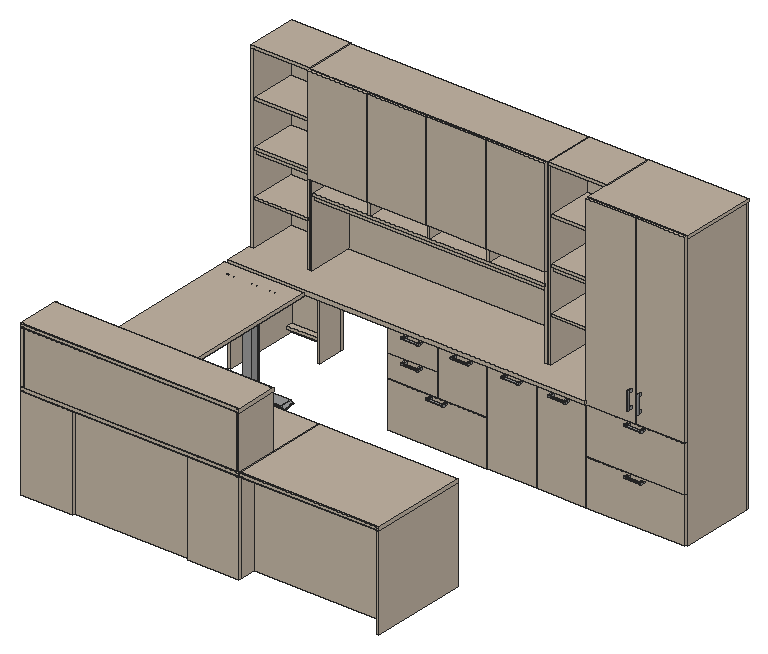
Revit family "JSI-Vision-Typical_Laminate-VST112", category Furniture, Revit 2020 (continued)
Definition of nested family "JSI-Vision-Adjustable_Table_Height_Bridge-Standard_Range"
  Definition of nested family "Adj Base Bridge Desk"
    Forms (in)
      Extrusion 2, solid, material <- "Support Finish"
        sketch origin (8.68126, 0, 0) x (0, 1, 0) y (0, 0, 1)
          loop
            arc (-2.01772, 27.31644) -> (-1.94814, 27.34526) -> (-1.91932, 27.41484) r 0.0984
            line (-1.91932, 27.41484) -> (-1.91932, 28.60064)
            arc (-1.91932, 28.60064) -> (-1.94678, 28.66693) -> (-2.01307, 28.69439) r 0.09375
            line (-2.01307, 28.69439) -> (-2.61158, 28.69439)
            arc (-2.61158, 28.69439) -> (-2.67882, 28.66654) -> (-2.70667, 28.59931) r 0.09508
            line (-2.70667, 28.59931) -> (-2.70667, 27.41484)
            arc (-2.70667, 27.41484) -> (-2.67785, 27.34526) -> (-2.60827, 27.31644) r 0.0984
        from -6.06315 to 14.07466
      Extrusion 3, solid, material <- "Support Finish"
        sketch origin (1.70596, 0, 0) x (0, 1, 0) y (0, 0, 1)
          loop
            arc (2.50984, 27.82825) -> (2.59335, 27.86284) -> (2.62794, 27.94635) r 0.1181
            line (2.62794, 27.94635) -> (2.62794, 28.49755)
            arc (2.62794, 28.49755) -> (2.59335, 28.58106) -> (2.50984, 28.61565) r 0.1181
            line (2.50984, 28.61565) -> (2.15551, 28.61565)
            arc (2.15551, 28.61565) -> (2.072, 28.58106) -> (2.03741, 28.49755) r 0.1181
            line (2.03741, 28.49755) -> (2.03741, 27.94635)
            arc (2.03741, 27.94635) -> (2.072, 27.86284) -> (2.15551, 27.82825) r 0.1181
            line (2.15551, 27.82825) -> (2.50984, 27.82825)
          loop
            arc (-2.15551, 27.82825) -> (-2.072, 27.86284) -> (-2.03741, 27.94635) r 0.1181
            line (-2.03741, 27.94635) -> (-2.03741, 28.49755)
            arc (-2.03741, 28.49755) -> (-2.072, 28.58106) -> (-2.15551, 28.61565) r 0.1181
            line (-2.15551, 28.61565) -> (-2.50984, 28.61565)
            arc (-2.50984, 28.61565) -> (-2.59335, 28.58106) -> (-2.62794, 28.49755) r 0.1181
            line (-2.62794, 28.49755) -> (-2.62794, 27.94635)
            arc (-2.62794, 27.94635) -> (-2.59335, 27.86284) -> (-2.50984, 27.82825) r 0.1181
            line (-2.50984, 27.82825) -> (-2.15551, 27.82825)
        from 3.18381 to 39.40428
      Extrusion 4, solid, material <- "Feet Finish"
        sketch origin (3.34686, 0, 0) x (0, 1, 0) y (0, 0, 1)
          loop
            line (10.52318, 1.16069) -> (-10.52318, 1.16069)
            arc (-10.52318, 1.16069) -> (-10.60868, 1.14561) -> (-10.68388, 1.1022) r 0.25
            line (-10.68388, 1.1022) -> (-11.48879, 0.4268) -> (-11.40022, 0.32124) -> (-10.59879, 0.99371)
            arc (-10.59879, 0.99371) -> (-10.56128, 1.01537) -> (-10.51862, 1.02289) r 0.12472
            line (-10.51862, 1.02289) -> (10.51852, 1.02289)
            arc (10.51852, 1.02289) -> (10.56128, 1.01536) -> (10.59887, 0.99365) r 0.125
            line (10.59887, 0.99365) -> (11.40022, 0.32124) -> (11.48879, 0.4268) -> (10.68388, 1.1022)
            arc (10.68388, 1.1022) -> (10.60869, 1.14561) -> (10.52318, 1.16069) r 0.25
        from -0.06142 to 3.56063
      Extrusion 5, solid, material <- "Feet Finish"
        sketch origin (3.34686, 0, 0) x (0, 1, 0) y (0, 0, 1)
          loop
            line (-11.14173, 0.39297) -> (11.14173, 0.39297) -> (11.14173, 0.53813) -> (10.59887, 0.99365)
            arc (10.59887, 0.99365) -> (10.56128, 1.01535) -> (10.51852, 1.02289) r 0.125
            line (10.51852, 1.02289) -> (-10.51862, 1.02289)
            arc (-10.51862, 1.02289) -> (-10.56128, 1.01537) -> (-10.59879, 0.99371) r 0.12472
            line (-10.59879, 0.99371) -> (-11.14173, 0.53813) -> (-11.14173, 0.39297)
        from 0.19449 to 3.30472
      Extrusion 6, solid, material <- "Feet Finish"
        sketch origin (16.23738, 0, 0) x (0, 1, 0) y (0, 0, 1)
          loop
            line (10.52318, 1.16069) -> (-10.52318, 1.16069)
            arc (-10.52318, 1.16069) -> (-10.60868, 1.14561) -> (-10.68387, 1.1022) r 0.25
            line (-10.68387, 1.1022) -> (-11.48879, 0.4268) -> (-11.40022, 0.32124) -> (-10.59879, 0.99372)
            arc (-10.59879, 0.99372) -> (-10.56128, 1.01537) -> (-10.51862, 1.02289) r 0.12472
            line (-10.51862, 1.02289) -> (10.51852, 1.02289)
            arc (10.51852, 1.02289) -> (10.56128, 1.01536) -> (10.59887, 0.99365) r 0.125
            line (10.59887, 0.99365) -> (11.40022, 0.32124) -> (11.48879, 0.4268) -> (10.68388, 1.1022)
            arc (10.68388, 1.1022) -> (10.60869, 1.14561) -> (10.52318, 1.16069) r 0.25
        from 22.85513 to 26.47717
      Extrusion 7, solid, material <- "Low Leg Finish"
        sketch origin (0, 0, 0) x (1, 0, 0) y (0, 1, 0)
          loop
            line (3.73819, 1.26995) -> (3.73819, -1.2505)
            arc (3.73819, -1.2505) -> (3.76702, -1.3201) -> (3.83661, -1.34893) r 0.09843
            line (3.83661, -1.34893) -> (6.35665, -1.34893)
            arc (6.35665, -1.34893) -> (6.426, -1.3202) -> (6.45472, -1.25086) r 0.09807
            line (6.45472, -1.25086) -> (6.45472, 1.26918)
            arc (6.45472, 1.26918) -> (6.42589, 1.33878) -> (6.3563, 1.36761) r 0.09843
            line (6.3563, 1.36761) -> (3.83585, 1.36761)
            arc (3.83585, 1.36761) -> (3.76679, 1.33901) -> (3.73819, 1.26995) r 0.09766
          loop
            arc (42.26182, 1.25984) -> (42.23299, 1.32944) -> (42.16339, 1.35827) r 0.09843
            line (42.16339, 1.35827) -> (39.64371, 1.35827)
            arc (39.64371, 1.35827) -> (39.57411, 1.32944) -> (39.54528, 1.25984) r 0.09843
            line (39.54528, 1.25984) -> (39.54528, -1.23588)
            arc (39.54528, -1.23588) -> (39.57839, -1.31582) -> (39.65833, -1.34893) r 0.11305
            line (39.65833, -1.34893) -> (42.16339, -1.34893)
            arc (42.16339, -1.34893) -> (42.23299, -1.3201) -> (42.26182, -1.2505) r 0.09843
            line (42.26182, -1.2505) -> (42.26182, 1.25984)
        from 1.16069 to 24.73029
      Extrusion 8, solid, material <- "Support Finish"
        sketch origin (0, 0, 0) x (1, 0, 0) y (0, 0, 1)
          loop
            line (2.5, 26.64715) -> (2.61811, 26.64715) -> (2.61811, 28.65745)
            arc (2.61811, 28.65745) -> (2.62893, 28.68357) -> (2.65505, 28.69439) r 0.03694
            line (2.65505, 28.69439) -> (4.0748, 28.69439) -> (4.0748, 28.8125) -> (2.65534, 28.8125)
            arc (2.65534, 28.8125) -> (2.5455, 28.767) -> (2.5, 28.65716) r 0.15534
            line (2.5, 28.65716) -> (2.5, 26.64715)
          loop
            line (43.50001, 26.64715) -> (43.50001, 28.65716)
            arc (43.50001, 28.65716) -> (43.45451, 28.767) -> (43.34467, 28.8125) r 0.15534
            line (43.34467, 28.8125) -> (41.9252, 28.8125) -> (41.9252, 28.69439) -> (43.33499, 28.69439)
            arc (43.33499, 28.69439) -> (43.36816, 28.68065) -> (43.3819, 28.64748) r 0.04691
            line (43.3819, 28.64748) -> (43.3819, 26.64715) -> (43.50001, 26.64715)
        from -10.14567 to 10.14567
      Extrusion 9, void
        sketch origin (0, 0, 0) x (0, 1, 0) y (0, 0, 1)
          loop
            line (-9.64567, 29.15728) -> (-10.14567, 29.15728) -> (-10.14567, 26.15728) -> (10.14567, 26.15728) -> (10.14567, 29.15728) -> (9.64567, 29.15728) -> (9.64567, 28.43724)
            arc (9.64567, 28.43724) -> (9.53149, 28.11921) -> (9.2411, 27.94643) r 0.5
            line (9.2411, 27.94643) -> (2.76152, 26.68651)
            arc (2.76152, 26.68651) -> (2.61903, 26.66585) -> (2.47521, 26.65894) r 1.5
            line (2.47521, 26.65894) -> (-2.47521, 26.65894)
            arc (-2.47521, 26.65894) -> (-2.61903, 26.66585) -> (-2.76152, 26.68651) r 1.5
            line (-2.76152, 26.68651) -> (-9.2411, 27.94643)
            arc (-9.2411, 27.94643) -> (-9.53149, 28.11921) -> (-9.64567, 28.43724) r 0.5
            line (-9.64567, 28.43724) -> (-9.64567, 29.15728)
        from 1.99619 to 44.00235
      Extrusion 10, solid, material <- "Support Finish"
        sketch origin (60.8427, 0, 0) x (0, 1, 0) y (0, 0, -1)
          loop
            line (-2.01772, -27.31644) -> (-2.61292, -27.31644)
            arc (-2.61292, -27.31644) -> (-2.67921, -27.3439) -> (-2.70667, -27.41019) r 0.09375
            line (-2.70667, -27.41019) -> (-2.70667, -28.60064)
            arc (-2.70667, -28.60064) -> (-2.67921, -28.66693) -> (-2.61292, -28.69439) r 0.09375
            line (-2.61292, -28.69439) -> (-2.0144, -28.69439)
            arc (-2.0144, -28.69439) -> (-1.94717, -28.66654) -> (-1.91932, -28.59931) r 0.09508
            line (-1.91932, -28.59931) -> (-1.91932, -27.41484)
            arc (-1.91932, -27.41484) -> (-1.94814, -27.34526) -> (-2.01772, -27.31644) r 0.0984
          loop
            line (2.60827, -27.31644) -> (2.0132, -27.31644)
            arc (2.0132, -27.31644) -> (1.94682, -27.34394) -> (1.91932, -27.41032) r 0.09389
            line (1.91932, -27.41032) -> (1.91932, -28.59931)
            arc (1.91932, -28.59931) -> (1.94717, -28.66654) -> (2.0144, -28.69439) r 0.09508
            line (2.0144, -28.69439) -> (2.61292, -28.69439)
            arc (2.61292, -28.69439) -> (2.67921, -28.66693) -> (2.70667, -28.60064) r 0.09375
            line (2.70667, -28.60064) -> (2.70667, -27.41484)
            arc (2.70667, -27.41484) -> (2.67785, -27.34526) -> (2.60827, -27.31644) r 0.0984
        from 17.46081 to 37.59861
      Revolve 11, solid, material <- "Glide Finish"
        sketch origin (-1, -10.27559, 0) x (1, 0, 0) y (0, 0, 1)
          loop
            line (6.09647, 0.94489) -> (5.93882, 0.94489) -> (5.93882, 0.39297) -> (5.30863, 0.39297) -> (5.11222, 0.19657) -> (5.11222, 0) -> (6.09647, 0) -> (6.09647, 0.94489)
          axis (6.09647, 0.94489) -> (6.09647, 0)
        angle from 0 to 360
      Revolve 12, solid, material <- "Glide Finish"
        sketch origin (-1, 10.27547, 0) x (1, 0, 0) y (0, 0, 1)
          loop
            line (6.09647, 0.94489) -> (5.93882, 0.94489) -> (5.93882, 0.39297) -> (5.30863, 0.39297) -> (5.11222, 0.19657) -> (5.11222, 0) -> (6.09647, 0) -> (6.09647, 0.94489)
          axis (6.09647, 0.94489) -> (6.09647, 0)
        angle from 0 to 360
      Revolve 13, solid, material <- "Glide Finish"
        sketch origin (63.69757, -10.27559, 0) x (1, 0, 0) y (0, 0, 1)
          loop
            line (-22.79404, 0.94489) -> (-22.95169, 0.94489) -> (-22.95169, 0.39297) -> (-23.58189, 0.39297) -> (-23.77829, 0.19657) -> (-23.77829, 0) -> (-22.79404, 0) -> (-22.79404, 0.94489)
          axis (-22.79404, 0.94489) -> (-22.79404, 0)
        angle from 0 to 360
      Revolve 14, solid, material <- "Glide Finish"
        sketch origin (63.69757, 10.27547, 0) x (1, 0, 0) y (0, 0, 1)
          loop
            line (-22.79404, 0.94489) -> (-22.95169, 0.94489) -> (-22.95169, 0.39297) -> (-23.58189, 0.39297) -> (-23.77829, 0.19657) -> (-23.77829, 0) -> (-22.79404, 0) -> (-22.79404, 0.94489)
          axis (-22.79404, 0.94489) -> (-22.79404, 0)
        angle from 0 to 360
      Extrusion 15, solid, material <- "Feet Finish"
        sketch origin (67.04443, 0, 0) x (0, 1, 0) y (0, 0, 1)
          loop
            line (-11.14173, 0.39297) -> (11.14173, 0.39297) -> (11.14173, 0.53813) -> (10.59887, 0.99365)
            arc (10.59887, 0.99365) -> (10.56128, 1.01535) -> (10.51852, 1.02289) r 0.125
            line (10.51852, 1.02289) -> (-10.51862, 1.02289)
            arc (-10.51862, 1.02289) -> (-10.56128, 1.01537) -> (-10.59879, 0.99371) r 0.12472
            line (-10.59879, 0.99371) -> (-11.14173, 0.53813) -> (-11.14173, 0.39297)
        from -27.69602 to -24.58578
      Extrusion 16, solid
        sketch origin (0, 0, 0) x (1, 0, 0) y (0, 1, 0)
          loop
            line (3.92519, 1.08218) -> (3.92519, -1.06349)
            arc (3.92519, -1.06349) -> (3.95402, -1.13309) -> (4.02362, -1.16192) r 0.09843
            line (4.02362, -1.16192) -> (6.16929, -1.16192)
            arc (6.16929, -1.16192) -> (6.23889, -1.13309) -> (6.26771, -1.06349) r 0.09843
            line (6.26771, -1.06349) -> (6.26771, 1.08218)
            arc (6.26771, 1.08218) -> (6.23889, 1.15177) -> (6.16929, 1.1806) r 0.09843
            line (6.16929, 1.1806) -> (4.02362, 1.1806)
            arc (4.02362, 1.1806) -> (3.95402, 1.15177) -> (3.92519, 1.08218) r 0.09843
          loop
            line (39.73229, 1.08218) -> (39.73229, -1.06349)
            arc (39.73229, -1.06349) -> (39.76112, -1.13309) -> (39.83071, -1.16192) r 0.09843
            line (39.83071, -1.16192) -> (41.96061, -1.16192)
            arc (41.96061, -1.16192) -> (42.04136, -1.12847) -> (42.07481, -1.04772) r 0.1142
            line (42.07481, -1.04772) -> (42.07481, 1.08218)
            arc (42.07481, 1.08218) -> (42.04598, 1.15177) -> (41.97638, 1.1806) r 0.09843
            line (41.97638, 1.1806) -> (39.83071, 1.1806)
            arc (39.83071, 1.1806) -> (39.76112, 1.15177) -> (39.73229, 1.08218) r 0.09843
        from 26.65894 to 3.2731
    Cuts and joins
      Extrusion 9 cuts Extrusion 8
    Lines and regions (in)
      symbolic lines
        curve 1: line (6.9075, 11.48879, 0) -> (3.28545, 11.48879, 0)
        curve 2: line (6.9075, -11.48879, 0) -> (6.9075, 11.48879, 0)
        curve 3: line (3.28545, -11.48879, 0) -> (6.9075, -11.48879, 0)
        curve 4: line (3.28545, 11.48879, 0) -> (3.28545, 9.64567, 0)
        curve 5: line (42.71456, 11.48879, 0) -> (39.09251, 11.48879, 0)
        curve 6: line (42.71456, 9.64567, 0) -> (42.71456, 11.48879, 0)
        curve 7: line (39.09251, -11.48879, 0) -> (42.81987, -11.48879, 0)
        curve 8: line (39.09251, 11.48879, 0) -> (39.09251, -11.48879, 0)
        curve 9: line (2.5, 9.64567, 0) -> (4.0748, 9.64567, 0)
        curve 10: line (2.5, -9.64567, 0) -> (2.5, 9.64567, 0)
        curve 11: line (4.0748, -9.64567, 0) -> (2.5, -9.64567, 0)
        curve 12: line (4.0748, 9.64567, 0) -> (4.0748, -9.64567, 0)
        curve 13: line (43.50001, 9.64567, 0) -> (41.9252, 9.64567, 0)
        curve 14: line (43.50001, -9.64567, 0) -> (43.50001, 9.64567, 0)
        curve 15: line (41.9252, -9.64567, 0) -> (43.50001, -9.64567, 0)
        curve 16: line (41.9252, 9.64567, 0) -> (41.9252, -9.64567, 0)
        curve 17: line (41.9252, 2.70667, 0) -> (23.24409, 2.70667, 0)
        curve 18: line (23.24409, 2.70667, 0) -> (23.24409, 1.91932, 0)
        curve 19: line (23.24409, 1.91932, 0) -> (41.9252, 1.91932, 0)
        curve 20: line (41.9252, -1.92113, 0) -> (23.24409, -1.91932, 0)
        curve 21: line (23.24409, -1.91932, 0) -> (23.24409, -2.70667, 0)
        curve 22: line (23.24409, -2.70667, 0) -> (41.9252, -2.70667, 0)
        curve 23: line (22.75592, 2.70667, 0) -> (22.75592, 1.91932, 0)
        curve 24: line (22.75592, 1.91932, 0) -> (4.0748, 1.91932, 0)
        curve 25: line (22.75592, 2.70667, 0) -> (4.0748, 2.70667, 0)
        curve 26: line (22.75592, -1.91932, 0) -> (4.0748, -1.91932, 0)
        curve 27: line (22.75592, -2.70667, 0) -> (4.0748, -2.70667, 0)
        curve 28: line (22.75592, -1.91932, 0) -> (22.75592, -2.70667, 0)
        curve 29: line (3.28545, -11.48879, 0) -> (3.28545, -9.64567, 0)
        curve 30: line (42.81987, -11.48879, 0) -> (42.81987, -9.64567, 0)
        curve 31: line (22.75592, 2.62798, 0) -> (23.24409, 2.62798, 0)
        curve 32: line (22.75592, 2.03782, 0) -> (23.24409, 2.03782, 0)
        curve 33: line (22.75592, -2.03689, 0) -> (23.24409, -2.03689, 0)
        curve 34: line (22.75592, -2.6279, 0) -> (23.24409, -2.6279, 0)
    Dimensions and locks (in)
      "Height": plane 2 to plane 4
      Extrusion 1 sketch curve to Extrusion 1 sketch curve to Extrusion 1 sketch curve to plane 4 = 1.57541" locked, 0.275", 1.49065"
      Extrusion 4 sketch curve to Extrusion 4 sketch curve to Extrusion 4 sketch curve to Extrusion 4 sketch curve to plane 1 "Center (Front/Back)" to Extrusion 4 sketch curve to Extrusion 4 sketch curve to Extrusion 4 sketch curve to Extrusion 4 sketch curve = 0.08857" locked, 0.87704" locked, 0.00456" locked, 10.51862" locked, 10.51852" locked, 0.00466" locked, 0.87704" locked, 0.08857" locked
      plane 2 to Extrusion 4 sketch curve to Extrusion 4 sketch curve to Extrusion 4 sketch curve to Extrusion 4 sketch curve to Extrusion 4 sketch curve to Extrusion 4 sketch curve = 0.32124" locked, 0.10556" locked, 0.4711" locked, 0.0128" locked, 0.1122" locked, 0.1378" locked
      plane 2 to Extrusion 5 sketch curve to Extrusion 5 sketch curve = 0.39297" locked, 0.62992" locked
      Extrusion 5 sketch curve to plane 1 "Center (Front/Back)" to Extrusion 5 sketch curve = 11.14173" locked, 11.14173" locked
      Extrusion 6 sketch curve to Extrusion 6 sketch curve to Extrusion 6 sketch curve to Extrusion 6 sketch curve to Extrusion 6 sketch curve to Extrusion 6 sketch curve to Extrusion 6 sketch curve to Extrusion 6 sketch curve = 0.08857" locked, 0.87704" locked, 0.00456" locked, 21.03715", 0.00466" locked, 0.87704" locked, 0.08857" locked
      Extrusion 6 sketch curve to Extrusion 6 sketch curve to Extrusion 6 sketch curve to Extrusion 6 sketch curve to Extrusion 6 sketch curve to Extrusion 6 sketch curve = 0.10556" locked, 0.4711" locked, 0.0128" locked, 0.1122" locked, 0.1378" locked
      Extrusion 7 sketch curve to Extrusion 7 sketch curve to plane 1 "Center (Front/Back)" to Extrusion 7 sketch curve to Extrusion 7 sketch curve = 0.09843" locked, 1.2505", 1.25984" locked, 0.09843" locked
      Extrusion 7 sketch curve to Extrusion 7 sketch curve to Extrusion 7 sketch curve to Extrusion 7 sketch curve to plane 5 = 0.09843" locked, 2.51969" locked, 0.09843" locked, 3.73818" locked
      locked: Extrusion 7 to plane 2 at 24.73029
      Extrusion 1 sketch curve to Extrusion 1 sketch curve to Extrusion 1 sketch curve to plane 4 = 1.57541" locked, 0.275" locked, 1.49065" locked
      Extrusion 1 sketch curve to Extrusion 1 sketch curve to Extrusion 1 sketch curve to Extrusion 1 sketch curve to plane 3 "Center (Left/Right)" = 0.5621" locked, 0.50019" locked, 7.59913" locked, 2.93732" locked
      plane 5 to Extrusion 1 sketch curve to Extrusion 1 sketch curve to Extrusion 1 sketch curve = 2.93731" locked, 7.59913" locked, 1.06228" locked
      Extrusion 2 sketch curve to Extrusion 2 sketch curve to Extrusion 2 sketch curve to Extrusion 2 sketch curve to plane 1 "Center (Front/Back)" to Extrusion 2 sketch curve to Extrusion 2 sketch curve to Extrusion 2 sketch curve to Extrusion 2 sketch curve = 0.09508" locked, 0.59852" locked, 3/32" locked, 1.91932" locked, 1.91932" locked, 3/32" locked, 0.59852" locked, 0.09508" locked
      locked: plane 4 to plane 6 at 1.1875
      Extrusion 3 sketch curve to Extrusion 3 sketch curve to Extrusion 3 sketch curve to Extrusion 3 sketch curve to plane 1 "Center (Front/Back)" to Extrusion 3 sketch curve to Extrusion 3 sketch curve to Extrusion 3 sketch curve to Extrusion 3 sketch curve = 0.1181" locked, 0.35433" locked, 0.1181" locked, 2.03741" locked, 2.03741" locked, 0.1181" locked, 0.35433" locked, 0.1181" locked
      plane 6 to Extrusion 3 sketch curve to Extrusion 3 sketch curve to Extrusion 3 sketch curve to Extrusion 3 sketch curve = 0.19685" locked, 0.1181" locked, 0.5512" locked, 0.1181" locked
      Extrusion 8 sketch curve to Extrusion 8 sketch curve to Extrusion 8 sketch curve to Extrusion 8 sketch curve to plane 3 "Center (Left/Right)" = 1.41947" locked, 0.03723" locked, 0.11811" locked, 2 1/2" locked
      Extrusion 8 sketch curve to Extrusion 8 sketch curve to Extrusion 8 sketch curve to Extrusion 8 sketch curve to plane 5 = 1.41947" locked, 0.03723" locked, 0.11811" locked, 2 1/2"
      plane 6 to Extrusion 8 sketch curve to Extrusion 8 sketch curve to Extrusion 8 sketch curve = 0.11811" locked, 0.03723" locked, 2.01002" locked
      locked: plane 5 to Extrusion 9 at 1.99765
      locked: plane 3 "Center (Left/Right)" to Extrusion 9 at 1.99619
      Extrusion 9 sketch curve to plane 6 to Extrusion 9 sketch curve to Extrusion 9 sketch curve to Extrusion 9 sketch curve to Extrusion 9 sketch curve = 0.34478" locked, 0.37526" locked, 0.2783" locked, 1 1/2" locked, 0.50165" locked
      Extrusion 9 sketch curve to Extrusion 9 sketch curve to Extrusion 9 sketch curve to Extrusion 9 sketch curve to plane 1 "Center (Front/Back)" to Extrusion 9 sketch curve to Extrusion 9 sketch curve to Extrusion 9 sketch curve to Extrusion 9 sketch curve = 1/2" locked, 1/2" locked, 6.67046" locked, 2.47521" locked, 2.47521" locked, 6.67046" locked, 1/2" locked, 1/2" locked
      Extrusion 10 sketch curve to Extrusion 10 sketch curve to Extrusion 10 sketch curve to Extrusion 10 sketch curve to Extrusion 10 sketch curve to Extrusion 10 sketch curve to Extrusion 10 sketch curve to Extrusion 10 sketch curve = 3/32" locked, 0.59852" locked, 0.09508" locked, 3.83863" locked, 0.09508" locked, 0.59852" locked, 3/32" locked
      Extrusion 10 to Extrusion 3 to plane 5 = 17.86615" locked, 4.88976" locked
      Extrusion 2 to Extrusion 3 to plane 3 "Center (Left/Right)" = 17.86615" locked, 4.88977" locked
      Revolve 11 sketch curve to Revolve 11 sketch curve to Revolve 11 sketch curve to plane 7 = 0.1964" locked, 0.63019" locked, 0.15765" locked
      Revolve 12 sketch curve to Revolve 12 sketch curve to Revolve 12 sketch curve = 0.1964" locked, 0.63019" locked
      Revolve 12 to plane 1 "Center (Front/Back)" to Revolve 11 = 10.27547" locked, 10.27559" locked
      Revolve 13 sketch curve to Revolve 13 sketch curve to Revolve 13 sketch curve to plane 8 = 0.1964" locked, 0.63019" locked, 0.15765" locked
      Revolve 14 sketch curve to Revolve 14 sketch curve to Revolve 14 sketch curve = 0.1964" locked, 0.63019" locked
      Revolve 14 to Revolve 13 = 20.55106"
      Revolve 13 to plane 1 "Center (Front/Back)" to Revolve 14 = 10.27559" locked, 10.27547" locked
      locked: Extrusion 15 sketch curve to Extrusion 15 sketch curve at 0.62992
      Extrusion 15 sketch curve to plane 1 "Center (Front/Back)" to Extrusion 15 sketch curve = 11.14173" locked, 11.14173" locked
      "W Top": plane 3 "Center (Left/Right)" to plane 5
      plane 3 "Center (Left/Right)" to plane 7 = 5.09647"
      plane 8 to plane 5 = 5.09647"
      Extrusion 7 sketch curve to Extrusion 7 sketch curve to plane 1 "Center (Front/Back)" to Extrusion 7 sketch curve to Extrusion 7 sketch curve = 0.09843" locked, 1.2505" locked, 1.26995" locked, 25/256" locked
      plane 3 "Center (Left/Right)" to Extrusion 7 sketch curve to Extrusion 7 sketch curve to Extrusion 7 sketch curve to Extrusion 7 sketch curve = 3.73819" locked, 25/256" locked, 2.52045" locked, 0.09843" locked
      Extrusion 16 sketch curve to Extrusion 16 sketch curve to plane 1 "Center (Front/Back)" to Extrusion 16 sketch curve to Extrusion 16 sketch curve = 0.09843" locked, 1.06349" locked, 1.08218" locked, 0.09843" locked
      plane 3 "Center (Left/Right)" to Extrusion 16 sketch curve to Extrusion 16 sketch curve to Extrusion 16 sketch curve to Extrusion 16 sketch curve = 3.92519" locked, 0.09843" locked, 2.14567" locked, 0.09843" locked
      Extrusion 16 sketch curve to Extrusion 16 sketch curve to Extrusion 16 sketch curve to Extrusion 16 sketch curve to plane 5 = 0.09843" locked, 2.14567" locked, 0.09843" locked, 3.92519" locked
      plane 1 "Center (Front/Back)" to Extrusion 16 = 1.16192"
      Extrusion 16 to Extrusion 16 to plane 6 = 23.38583" locked, 2.15356" locked
      Extrusion 6 to Extrusion 15 to plane 8 to Extrusion 15 to Extrusion 6 to plane 5 = 0.25591" locked, 1.55512" locked, 1.55512" locked, 0.25591" locked, 3.28544" locked
      Extrusion 16 sketch curve to Extrusion 16 sketch curve to plane 1 "Center (Front/Back)" to Extrusion 16 sketch curve to Extrusion 16 sketch curve = 0.09843" locked, 1.08218" locked, 1.04772" locked, 0.1142" locked
      aligned and locked: plane 2 to level
      aligned and locked: Extrusion 7 to Extrusion 4
      aligned and locked: Extrusion 3 sketch curve to Extrusion 3 sketch curve  (x2)
      aligned and locked: Extrusion 8 sketch curve to plane 6
      aligned and locked: plane 6 to Extrusion 8 sketch curve
      aligned and locked: Extrusion 8 sketch curve to Extrusion 8 sketch curve  (x2)
      aligned and locked: Extrusion 9 sketch curve to Extrusion 9 sketch curve
      aligned and locked: plane 7 to Revolve 11 sketch curve
      aligned and locked: plane 8 to Revolve 13 sketch curve
      aligned and locked: curve 1 to Extrusion 4
      aligned and locked: curve 2 to Extrusion 4
      aligned and locked: Extrusion 4 to curve 3
      aligned and locked: curve 4 to Extrusion 4
      aligned and locked: curve 5 to Extrusion 6
      aligned and locked: Extrusion 6 to curve 6
      aligned and locked: curve 7 to Extrusion 6
      aligned and locked: curve 8 to Extrusion 6
      aligned and locked: curve 9 to cut or joined group of Extrusion 8, Extrusion 9
      aligned and locked: curve 10 to cut or joined group of Extrusion 8, Extrusion 9
      aligned and locked: cut or joined group of Extrusion 8, Extrusion 9 to curve 11
      aligned and locked: curve 12 to cut or joined group of Extrusion 8, Extrusion 9
      aligned and locked: curve 13 to cut or joined group of Extrusion 8, Extrusion 9
      aligned and locked: curve 14 to cut or joined group of Extrusion 8, Extrusion 9
      aligned and locked: curve 15 to cut or joined group of Extrusion 8, Extrusion 9
      aligned and locked: curve 16 to cut or joined group of Extrusion 8, Extrusion 9
      aligned and locked: Extrusion 2 to curve 31
      aligned and locked: Extrusion 2 to curve 32
      aligned and locked: Extrusion 10 to curve 31
      aligned and locked: Extrusion 10 to curve 32
      aligned and locked: Extrusion 2 to curve 33
      aligned and locked: Extrusion 2 to curve 34
      aligned and locked: Extrusion 10 to curve 33
      aligned and locked: Extrusion 10 to curve 34
      aligned and locked: Extrusion 16 to Extrusion 1
    Automatic sketch dimensions
      Extrusion 3 sketch curve to Extrusion 3 sketch curve = 0.1181"  (x3)
      level to Extrusion 4 sketch curve = 1.1022"  (x2)
      Extrusion 4 sketch curve to Extrusion 4 sketch curve = 0.1607"  (x2)
      level to Extrusion 4 sketch curve = 0.99371"
      Extrusion 4 sketch curve to Extrusion 4 sketch curve = 0.07561"
      Extrusion 4 sketch curve to Extrusion 4 sketch curve = 0.08017"
      level to Extrusion 4 sketch curve = 0.99365"
      Extrusion 4 sketch curve to Extrusion 4 sketch curve = 0.09554"
      Extrusion 4 sketch curve to Extrusion 4 sketch curve = 0.01252"
      level to Extrusion 6 sketch curve = 0.4268"
      plane 1 "Center (Front/Back)" to Extrusion 6 sketch curve = 11.48879"
      level to Extrusion 6 sketch curve = 1.1022"  (x2)
      Extrusion 6 sketch curve to Extrusion 6 sketch curve = 0.16069"  (x2)
      level to Extrusion 6 sketch curve = 0.99372"
      Extrusion 6 sketch curve to Extrusion 6 sketch curve = 0.08017"
      level to Extrusion 6 sketch curve = 0.99365"
      Extrusion 6 sketch curve to Extrusion 6 sketch curve = 0.08035"
      level to Extrusion 15 sketch curve = 0.89789"
      level to Extrusion 15 sketch curve = 0.99365"
      Extrusion 15 sketch curve to Extrusion 15 sketch curve = 0.08035"
      Extrusion 15 sketch curve to Extrusion 15 sketch curve = 0.62321"
      Extrusion 15 sketch curve to Extrusion 15 sketch curve = 0.54294"
      Extrusion 15 sketch curve to Extrusion 15 sketch curve = 0.08017"
      Extrusion 15 sketch curve to Extrusion 15 sketch curve = 0.14516"  (x2)
      Extrusion 15 sketch curve to Extrusion 15 sketch curve = 0.12472"
      Extrusion 1 sketch curve to Extrusion 1 sketch curve = 0.5621"
      Extrusion 2 sketch curve to Extrusion 2 sketch curve = 0.0984"  (x4)
      Extrusion 2 sketch curve to plane 6 = 1.49606"  (x2)
      Extrusion 2 sketch curve to plane 6 = 0.21319"  (x2)
      level to Extrusion 5 sketch curve = 0.99371"
      Extrusion 5 sketch curve to Extrusion 5 sketch curve = 0.54294"
      Extrusion 5 sketch curve to Extrusion 5 sketch curve = 0.08017"
      Extrusion 5 sketch curve to Extrusion 5 sketch curve = 0.62321"
      level to Extrusion 5 sketch curve = 0.99365"
      Extrusion 5 sketch curve to Extrusion 5 sketch curve = 0.08035"
      Extrusion 5 sketch curve to Extrusion 5 sketch curve = 0.14516"  (x2)
      Extrusion 9 sketch curve to plane 6 = 0.86607"  (x2)
      Extrusion 9 sketch curve to Extrusion 9 sketch curve = 0.09543"
      Extrusion 9 sketch curve to plane 6 = 2.12599"  (x2)
      Extrusion 9 sketch curve to Extrusion 9 sketch curve = 0.2863"
      plane 1 "Center (Front/Back)" to Extrusion 10 sketch curve = 2.70667"
      Extrusion 10 sketch curve to Extrusion 10 sketch curve = 3/32"
      Extrusion 10 sketch curve to Extrusion 10 sketch curve = 0.0984"  (x2)
      Extrusion 10 sketch curve to Extrusion 10 sketch curve = 0.09389"
      Extrusion 10 sketch curve to plane 6 = 0.11811"  (x2)
      Extrusion 10 sketch curve to Extrusion 10 sketch curve = 1.18447"
      Extrusion 10 sketch curve to Extrusion 10 sketch curve = 1.1858"
      plane 7 to Revolve 11 sketch curve = 0"
      Revolve 11 sketch curve to level = 0"
      level to Revolve 11 sketch curve = 0.19657"
      Revolve 11 sketch curve to Revolve 11 sketch curve = 0.1964"
      Revolve 11 sketch curve to Revolve 11 sketch curve = 0.55192"
      Revolve 11 sketch curve to Revolve 11 sketch curve = 0.16385"
      Revolve 11 sketch curve to Revolve 11 sketch curve = 0.05111"
      plane 7 to Revolve 12 sketch curve = 0"  (x2)
      plane 7 to Revolve 12 sketch curve = 0.15765"
      Revolve 12 sketch curve to level = 0"
      level to Revolve 12 sketch curve = 0.19657"
      Revolve 12 sketch curve to Revolve 12 sketch curve = 0.1964"
      Revolve 12 sketch curve to Revolve 12 sketch curve = 0.55192"
      Revolve 12 sketch curve to Revolve 12 sketch curve = 0.16385"
      Revolve 12 sketch curve to Revolve 12 sketch curve = 0.05111"
      Revolve 13 sketch curve to level = 0"
      plane 8 to Revolve 13 sketch curve = 0"
      level to Revolve 13 sketch curve = 0.19657"
      Revolve 13 sketch curve to Revolve 13 sketch curve = 0.1964"
      Revolve 13 sketch curve to Revolve 13 sketch curve = 0.55192"
      Revolve 13 sketch curve to Revolve 13 sketch curve = 0.16385"
      Revolve 13 sketch curve to Revolve 13 sketch curve = 0.05111"
      Revolve 14 sketch curve to level = 0"
      plane 8 to Revolve 14 sketch curve = 0"  (x2)
      plane 8 to Revolve 14 sketch curve = 0.15765"
      level to Revolve 14 sketch curve = 0.19657"
      Revolve 14 sketch curve to Revolve 14 sketch curve = 0.1964"
      Revolve 14 sketch curve to Revolve 14 sketch curve = 0.55192"
      Revolve 14 sketch curve to Revolve 14 sketch curve = 0.16385"
      Revolve 14 sketch curve to Revolve 14 sketch curve = 0.05111"
      plane 7 to curve 3 = 1.81102"
      plane 1 "Center (Front/Back)" to curve 28 = 1.91932"
      plane 1 "Center (Front/Back)" to curve 20 = 1.91932"
      curve 30 to plane 8 = 1.91634"
      curve 28 to curve 26 = 0.78735"
      curve 22 to curve 20 = 0.78735"
      curve 18 to plane 1 "Center (Front/Back)" = 1.91932"
      curve 23 to plane 1 "Center (Front/Back)" = 1.91932"
      curve 23 to curve 23 = 0.78735"
      curve 18 to curve 17 = 0.78735"
      plane 1 "Center (Front/Back)" to curve 34 = 2.6279"
      plane 1 "Center (Front/Back)" to curve 33 = 2.03689"
      curve 22 to curve 20 = 0.78554"
      curve 23 to curve 32 = 0.1185"
      curve 31 to curve 17 = 0.07868"
      Extrusion 8 sketch curve to Extrusion 8 sketch curve = 0.00029"
      Extrusion 8 sketch curve to Extrusion 8 sketch curve = 0.00968"
      Extrusion 16 sketch curve to Extrusion 16 sketch curve = 0.09843"  (x2)
      Extrusion 7 sketch curve to Extrusion 7 sketch curve = 0.09807"
      Extrusion 7 sketch curve to Extrusion 7 sketch curve = 0.11305"
Definition of nested family "JSI-Vision-L_Bracket"
  Parameters (values of type "VSB-LBRKT-20, Matter Black L-Bracket 17"w")
    Width = 17"
    URL = "www.jsifurniture.com"
    Type Comments = ""
    Series = "Vision Casegoods"  # constant formula
    Model = "VSB-LBRKT-20"
    Material = ""
    Manufacturer = "JSI"  # constant formula
    Keynote = "12500"  # constant formula
    JSI Enviromental Website = "http://www.jsifurniture.com/jsi_sustainability_intro.php"
    Height = 1"
    Description = "Matter Black L-Bracket 17\"w"
    Depth = 1"
    Default Elevation = 0"
    Bracket Finish = none
    Assembly Code = "E2020200"
  Types (2): name | Width | Model | Description
    VSB-LBRKT-20, Matter Black L-Bracket 17"w | 17" | "VSB-LBRKT-20" | "Matter Black L-Bracket 17\"w"
    VSB-LBRKT-24, Matter Black L-Bracket 21"w | 21" | "VSB-LBRKT-24" | "Matter Black L-Bracket 21\"w"
  Reference planes (in)
    plane 1 "Center Front/Back": y = 0
    plane 2: z = 0
    plane 3 "Center Left/Right": x = 0
    plane 4: z = 0
    plane 5: z = 13.06627
    plane 6: x = 17
    plane 7: y = -1
    plane 8: z = 12.06627
  Forms (in)
    Extrusion 1, solid, material <- "Bracket Finish"
      sketch origin (0, 0, 0) x (0, 1, 0) y (0, 0, 1)
        loop
          line (0, 13.06627) -> (-1, 13.06627) -> (-1, 12.97252) -> (-0.09375, 12.97252) -> (-0.09375, 12.06627) -> (0, 12.06627) -> (0, 13.06627)
      from 0 to 17
  Lines and regions (in)
    symbolic lines
      curve 1: line (0, 0, 0) -> (17, 0, 0)
      curve 2: line (0, -1, 0) -> (0, 0, 0)
      curve 3: line (17, -1, 0) -> (0, -1, 0)
      curve 4: line (17, 0, 0) -> (17, -1, 0)
  Dimensions and locks (in)
    "Width": plane 3 "Center Left/Right" to plane 6
    "Depth": plane 1 "Center Front/Back" to plane 7
    locked: plane 5 to plane 8 at 1
    aligned and locked: level to plane 2
    aligned and locked: plane 4 to plane 2
    aligned and locked: Extrusion 1 to plane 3 "Center Left/Right"
    aligned and locked: plane 6 to Extrusion 1
    aligned and locked: plane 3 "Center Left/Right" to curve 2
    aligned and locked: curve 4 to plane 6
    aligned and locked: plane 1 "Center Front/Back" to curve 1
    aligned and locked: plane 7 to curve 3
  Automatic sketch dimensions
    Extrusion 1 sketch curve to plane 7 = 0"
    Extrusion 1 sketch curve to plane 1 "Center Front/Back" = 0"
    Extrusion 1 sketch curve to plane 8 = 0"
    Extrusion 1 sketch curve to plane 5 = 0"
    plane 1 "Center Front/Back" to Extrusion 1 sketch curve = 3/32"
    Extrusion 1 sketch curve to Extrusion 1 sketch curve = 3/32"
Definition of nested family "JSI-Vision-Modular_Break_Front_Modesty_Panel"
  Parameters (values of type "VST4128MDDE, Modular Break Front Modesty Panel 28"H, 40 5/8"W")
    Width = 40 5/8"
    URL = "www.jsifurniture.com"
    Type Comments = ""
    Series = "Vision Casegoods"  # constant formula
    Modesty Finish = none
    Model = "VST4128MDDE"
    Material = ""
    Manufacturer = "JSI"  # constant formula
    Keynote = "12500"  # constant formula
    JSI Enviromental Website = "http://www.jsifurniture.com/jsi_sustainability_intro.php"
    Height = 28"
    Description = "Modular Break Front Desk & Credenza Modesty Panel 3/4\"D x 28\"H x 40 5/8\"W"
    Depth = 3/8"
    Default Elevation = 0"
    Assembly Code = "E2020200"
  Reference planes (in)
    plane 1 "Center Front/Back": y = 0
    plane 2: z = 0
    plane 3 "Center Left/Right": x = 0
    plane 4: z = 0
    plane 5: x = 40.75
    plane 6: z = 28
    plane 7: y = -6.75
    plane 8: y = -6
  Forms (in)
    Extrusion 1, solid, material <- "Modesty Finish"
      sketch origin (0, 1.5625, 0) x (1, 0, 0) y (0, 1, 0)
        loop
          line (0, -7.5625) -> (0, -8.3125) -> (40.75, -8.3125) -> (40.75, -7.5625) -> (0, -7.5625)
      from 0 to 28
  Lines and regions (in)
    symbolic lines
      curve 1: line (0, -6, 0) -> (40.75, -6, 0)
      curve 2: line (0, -6.75, 0) -> (0, -6, 0)
      curve 3: line (40.75, -6.75, 0) -> (0, -6.75, 0)
      curve 4: line (40.75, -6, 0) -> (40.75, -6.75, 0)
  Dimensions and locks (in)
    plane 1 "Center Front/Back" to plane 8 to plane 7 = 6" locked, 3/4" locked
    "Height": plane 6 to plane 4
    aligned and locked: level to plane 2
    aligned and locked: plane 6 to Extrusion 1
    aligned and locked: Extrusion 1 to plane 7
    aligned and locked: plane 8 to Extrusion 1
    aligned and locked: Extrusion 1 to plane 3 "Center Left/Right"
    aligned and locked: Extrusion 1 to plane 4
    aligned and locked: plane 5 to Extrusion 1
    aligned and locked: curve 1 to Extrusion 1
    aligned and locked: curve 2 to Extrusion 1
    aligned and locked: curve 3 to Extrusion 1
    aligned and locked: curve 4 to Extrusion 1
  Automatic sketch dimensions
    Extrusion 1 sketch curve to plane 3 "Center Left/Right" = 0"
    Extrusion 1 sketch curve to plane 5 = 0"
    Extrusion 1 sketch curve to plane 7 = 0"
    Extrusion 1 sketch curve to plane 8 = 0"
